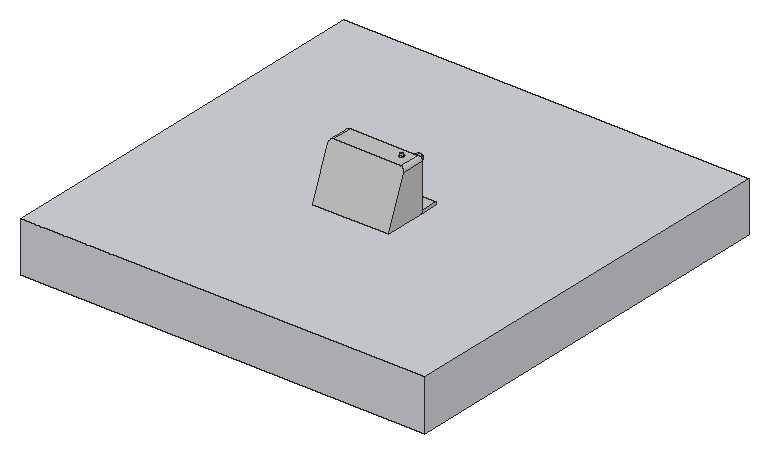
Revit family
Parameters (values of type "2010-1")
  Waste Connection = yes
  Vent Connection = no
  URL = "http://www.acorneng.com"
  Type Comments = ""
  TPT - Tubular P-Trap 1-1/4" x 1 - 1/2" Includes Trap Enclosure (Not ADA Complaint) = no
  Revised Date = "27/05/2014"
  Phone # = "626-336-4561"
  PPZ1 - Programmable Piezo Pushbutton (Single Temperature Only) = no
  Model = "2010-1"
  Material = 16 gage, type 304 stainless steel
  Manufacturer = "Acorn Engineering"
  MVC1 - Time-Trol - Single Temp = no
  HW Connection = no
  GT - Grid Strainer w/ Tailpiece 1-1/4" = no
  FP - Freeze Resistant Box = no
  FG - 14 Gage Housing = no
  EG - Enviro-Glaze, Specify Color = no
  Designed By = "ATS BIM Team"
  Description = "Drinking Fountain - ADA Compliant"
  Default Elevation = 40"
  CW Connection = yes
  BRS - Brass Body Valve = no
  BPH - Bubbler, Penal Hemispherical = no
  BP - Bubbler, Penal = no
  BC - Bubbler, Code = no
  Assembly Code = "D2010810"
  3 - Air-Control, Single Temperature = no
  2010 - Drinking Fountain = yes
  1 - Off-Floor Wall Outlet = yes
Reference planes (in)
  plane 1 "Center (Front/Back)": y = 0
  plane 2: z = 0
  plane 3 "Center (Left/Right)": x = 0
  plane 4: y = -36
  plane 5: y = -4.5
  plane 6: y = 4
  plane 7: x = 9
  plane 8: z = 12
  plane 9: x = -9
  plane 10: y = -10
  plane 11: x = -2
  plane 12: y = -2.875
  plane 13: y = 4
Forms (in)
  Extrusion 1, solid
    sketch origin (0, 0, 0) x (1, 0, 0) y (0, 1, 0)
      loop
        line (-48, 48) -> (-48, -48) -> (48, -48) -> (48, 48) -> (-48, 48)
    from 0 to -12
  Extrusion 2, solid, material "16 gage, type 304 stainless steel" <- "Material"
    sketch origin (0, -4.875, 0) x (1, 0, 0) y (0, 0, -1)
      loop
        line (9, 0) -> (-9, 0) -> (-9, -11)
        arc (-9, -11) -> (-8.70711, -11.70711) -> (-8, -12) r 1
        line (-8, -12) -> (8, -12)
        arc (8, -12) -> (8.70711, -11.70711) -> (9, -11) r 1
        line (9, -11) -> (9, 0)
    from -5.125 to 4.875
  Extrusion 3, solid, material "16 gage, type 304 stainless steel" <- "Material"
    sketch origin (0, 0, 0) x (1, 0, 0) y (0, 0, -1)
      loop
        line (-9, 0) -> (-9, -0.62362) -> (9, -0.62362) -> (9, 0) -> (-9, 0)
    from 0 to 4
  Extrusion 4, void
    sketch origin (0, -4.875, -7.5625) x (1, 0, 0) y (0, 0, -1)
      loop
        circle (0, -13.56034) r 0.5
    from 2.84912 to 4
  Blend 5, void
    base sketch origin (0, 0, 0.25) x (1, 0, 0) y (0, 0, 1)
      loop
        arc (-5.94559, 9.92534) -> (-8.18102, 6.30034) -> (-5.94559, 2.67534) r 4.05689
        arc (-5.94559, 2.67534) -> (0, 1.26558) -> (5.94559, 2.67534) r 13.24246
        arc (5.94559, 2.67534) -> (8.18102, 6.30034) -> (5.94559, 9.92534) r 4.05689
        arc (5.94559, 9.92534) -> (0, 11.33511) -> (-5.94559, 9.92534) r 13.24246
    top sketch origin (0, 0, 0.25) x (1, 0, 0) y (0, 0, 1)
      loop
        arc (0.45888, 5.9464) -> (0, 6.24784) -> (-0.45888, 5.9464) r 0.5
        arc (-0.45888, 5.9464) -> (-0.5, 5.74784) -> (-0.45888, 5.54928) r 0.5
        arc (-0.45888, 5.54928) -> (0, 5.24784) -> (0.45888, 5.54928) r 0.5
        arc (0.45888, 5.54928) -> (0.5, 5.74784) -> (0.45888, 5.9464) r 0.5
    from 0 to 1.69491
  Extrusion 6, solid, material "16 gage, type 304 stainless steel" <- "Material"
    sketch origin (33.53945, 1.02599, -14.93849) x (-0.957539, 0, 0.288303) y (0.288303, 0, 0.957539)
      loop
        arc (33.79191, 17.11145) -> (32.28831, 17.52532) -> (31.90779, 16.01294) r 1.09075
        line (31.90779, 16.01294) -> (32.17598, 15.51368)
        arc (32.17598, 15.51368) -> (33.20008, 15.97557) -> (34.30325, 16.18807) r 4.82432
        line (34.30325, 16.18807) -> (33.79191, 17.11145)
    from -1.02599 to -0.27599
  Sweep 7, solid, material "16 gage, type 304 stainless steel" <- "Material"
    path origin (16.74449, 1.02599, -25.10649) x (-0.672284, 0, 0.740293) y (0.740293, 0, 0.672284)
      loop
        arc (33.99266, 16.50033) -> (32.93229, 17.56071) -> (31.87191, 16.50033) r 1.06037
    profile origin (7.60469, 1.02599, 11.07884) x (-0.740293, 0, -0.672284) y (0, 1, 0)
      loop
        line (0.50131, -0.52599) -> (0.56003, -0.52599)
        arc (0.56003, -0.52599) -> (0.31674, 0.12687) -> (0.31446, 0.82358) r 1.98152
        arc (0.31446, 0.82358) -> (0.38634, 1.02048) -> (0.5219, 1.18034) r 0.59649
        line (0.5219, 1.18034) -> (0.58295, 1.18034) -> (0.58295, 1.23113) -> (0.50405, 1.23113)
        arc (0.50405, 1.23113) -> (0.34718, 1.05401) -> (0.26444, 0.83235) r 0.64727
        arc (0.26444, 0.83235) -> (0.26416, 0.13247) -> (0.50131, -0.52599) r 2.0323
  Extrusion 8, void
    sketch origin (0, 0, 0) x (0, 1, 0) y (0, 0, 1)
      loop
        line (-5, 12) -> (-10, 12) -> (-10, 0) -> (-5, 12)
    from -9 to 9
  Extrusion 9, solid
    sketch origin (0, 0.125, 0) x (1, 0, 0) y (0, 1, 0)
      loop
        circle (0, -3) r 0.75
    from 0 to 0.5
  Extrusion 10, solid
    sketch origin (0, 0, 0) x (1, 0, 0) y (0, 1, 0)
      loop
        circle (-2, -4.5) r 0.25
    from 0 to 0.5
  Revolve 11, solid, material "16 gage, type 304 stainless steel" <- "Material"
    sketch origin (0, -2, 0) x (1, 0, 0) y (0, 0, 1)
      loop
        line (5.75, 12) -> (5.75, 12.54687) -> (5.46875, 12.54687) -> (5.46875, 12.20312) -> (5.26563, 12) -> (5.75, 12)
      axis (5.75, 12) -> (5.75, 12.54687)
    angle from 0 to 360
Cuts and joins
  Extrusion 4, Blend 5, Extrusion 8 cuts Extrusion 2
  joined: Extrusion 2, Revolve 11
Dimensions and locks (in)
  cut or joined group of Extrusion 2, Extrusion 4, Blend 5, Extrusion 8, Revolve 11 to cut or joined group of Extrusion 2, Extrusion 4, Blend 5, Extrusion 8, Revolve 11 = 10"
  plane 7 to plane 9 = 18"
  plane 8 to Extrusion 1 = 12"  (x2)
  plane 6 to cut or joined group of Extrusion 2, Extrusion 4, Blend 5, Extrusion 8, Revolve 11 = 4"
  plane 1 "Center (Front/Back)" to plane 5 = 4 1/2"
  plane 4 to plane 6 = 40"
  plane 6 to plane 10 = 14"
  plane 5 to Extrusion 6 to plane 1 "Center (Front/Back)" = 4 1/2", 0"
  plane 9 to plane 7 = 18"
  Extrusion 1 to plane 8 = 12"
  aligned and locked: plane 2 to Extrusion 1
  aligned and locked: level to Extrusion 1
Connectors (in)
  piping at (0, -2.875, 0)
    settings: on Extrusion 9, index 1
  piping at (-2, -4.5, 0)
    settings: on Extrusion 10, index 2
